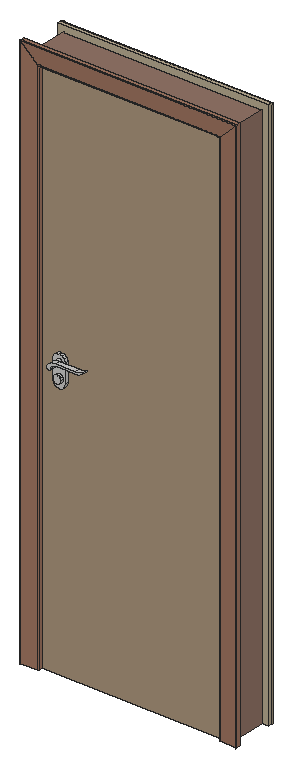
Revit family "Abrir - 1 Folha_Completa_final", category Portas, Revit 2015
Parameters (values of type "70x210")
  Tipo de construção = "residêncial"
  Máscara da folha visível [instance] = no
  Moldura interna da porta [instance] = Teca
  Moldura externa da porta [instance] = Pinho de Óregon
  Moldura da porta = Tábua de fibra orientada
  Maçaneta da porta = Painel de metal
  Marco = Amendoeira
  Largura bruta = Largura + (Espessura do Marco * 2)  # 77 cm
  Função = Interior
  Projeção da moldura externa = 2 cm
  Projeção da moldura interna = 2 cm
  Largura da moldura = 7 cm
  Folha da porta = Tábua de fibra orientada
  Espessura do Marco = 3.5 cm
  Espessura = 3.5 cm
  Autor = "Marco Rocha"
  Altura bruta = Altura + Espessura do Marco  # 213.5 cm
  Altura = 210 cm
  Fechamento da parede = Por hospedeiro
  Largura = 70 cm
Types (6, lengths in cm): name | Largura bruta | Espessura | Largura
  (no name) | 77 | 3.5 | 70
  60x210 | 67 | 3.5 | 60
  70x210 | 77 | 3.5 | 70
  80x210 | 87 | 3.5 | 80
  90x210 | 97 | 3.5 | 90
  100x210 | 107 | 4 | 100
Reference planes (cm)
  plane 1: y = 0
  plane 2 "Centro (Esquerda/Direita)": x = 0
  plane 3 "Esquerda": x = -35
  plane 4 "Direita": x = 35
  plane 5: z = 210
  plane 6 "Exterior": y = 7.5
  plane 7 "Interior": y = -7.5
  plane 8: x = -38.5
  plane 9: x = 38.5
  plane 10: z = 213.5
  plane 11: y = -4
  plane 12: x = 34
  plane 13: x = 31.5
  plane 14: y = -77.5
  plane 15: y = -70
  plane 16: y = -80
  plane 17: y = -70
Forms (cm)
  Extrusion 1, solid, material "Tábua de fibra orientada" <- "Folha da porta"
    sketch origin (0, 0, 0) x (1, 0, 0) y (0, 1, 0)
      loop
        line (-35, -4) -> (-35, -7.5) -> (35, -7.5) -> (35, -4) -> (-35, -4)
    from 0 to 210
  Extrusion 2, solid, material "Tábua de fibra orientada" <- "Moldura da porta", detail levels medium
    sketch origin (0, 7.5, 0) x (1, 0, 0) y (0, 0, 1)
      loop
        line (35, 210) -> (35, 0) -> (42, 0) -> (42, 217) -> (-42, 217) -> (-42, 0) -> (-35, 0) -> (-35, 210) -> (35, 210)
    from -2 to 0
  Extrusion 3, solid, material "Tábua de fibra orientada" <- "Moldura da porta", detail levels medium
    sketch origin (0, -7.5, 0) x (1, 0, 0) y (0, 0, -1)
      loop
        line (35, -210) -> (-35, -210) -> (-35, 0) -> (-42, 0) -> (-42, -217) -> (42, -217) -> (42, 0) -> (35, 0) -> (35, -210)
    from -2 to 0
  Sweep 4, solid, material "Amendoeira" <- "Marco", detail levels coarse+medium
    path in 3D
      loop
        line (38.5, 7.5, 0) -> (38.5, 7.5, 213.5) -> (-38.5, 7.5, 213.5) -> (-38.5, 7.5, 0)
    profile origin (38.5, 7.5, 106.75) x (0, 1, 0) y (-1, 0, 0)
      loop
        line (-15, 3.5) -> (-15, 0) -> (0, 0) -> (0, 3.5) -> (-15, 3.5)
  Sweep 5, solid, material "Amendoeira" <- "Marco", detail levels fine
    path in 3D
      loop
        line (38.5, 7.5, 0) -> (38.5, 7.5, 213.5) -> (-38.5, 7.5, 213.5) -> (-38.5, 7.5, 0)
    profile origin (38.5, 7.5, 106.75) x (0, 1, 0) y (-1, 0, 0)
      loop
        line (0, 0) -> (0, 4.5) -> (-11.5, 4.5) -> (-11.5, 3.5) -> (-15, 3.5) -> (-15, 0) -> (0, 0)
  Sweep 6, solid, material "Teca" <- "Moldura interna da porta", detail levels fine
    path in 3D
      loop
        line (35, -7.5, 0) -> (35, -7.5, 210) -> (-35, -7.5, 210) -> (-35, -7.5, 0)
    profile "Perfil Alisar : 7 x 2 cm" origin (-35, -7.5, 105) x (0, 1, 0) y (1, 0, 0)
      loop
        line (0, 0) -> (-1, 0)
        arc (-1, 0) -> (-1.3536, -0.1464) -> (-1.5, -0.5) r 0.5
        line (-1.5, -0.5) -> (-1.9793, -6.7308)
        arc (-1.9793, -6.7308) -> (-1.9135, -6.9199) -> (-1.73, -7) r 0.25
        line (-1.73, -7) -> (0, -7) -> (0, 0)
  Sweep 7, solid, material "Pinho de Óregon" <- "Moldura externa da porta", detail levels fine
    path in 3D
      loop
        line (34, 7.5, 0) -> (34, 7.5, 209) -> (-34, 7.5, 209) -> (-34, 7.5, 0)
    profile "Perfil Alisar : 7 x 2 cm" origin (34, 7.5, 104.5) x (0, 1, 0) y (-1, 0, 0)
      loop
        line (0, 0) -> (0, -7) -> (1.73, -7)
        arc (1.73, -7) -> (1.9135, -6.9199) -> (1.9793, -6.7308) r 0.25
        line (1.9793, -6.7308) -> (1.5, -0.5)
        arc (1.5, -0.5) -> (1.3536, -0.1464) -> (1, 0) r 0.5
        line (1, 0) -> (0, 0)
Lines and regions (cm)
  Opening 1
    outline origin (-305, -7.5, 0) x (1, 0, 0) y (0, 0, 1)
      loop
        line (343.5, 213.5) -> (266.5, 213.5) -> (266.5, 0) -> (343.5, 0) -> (343.5, 213.5)
  Masking region 1, visible <- "Máscara da folha visível"
    outline origin (0, 0, 0) x (1, 0, 0) y (0, 1, 0)
      loop
        line (31.5, -7.5) -> (31.5, -77.5) -> (35, -77.5) -> (35, -7.5) -> (31.5, -7.5)
  Masking region 2, visible <- "Máscara da folha visível", detail levels fine
    outline origin (-10, 10, 0) x (0, -1, 0) y (1, 0, 0)
      loop
        line (82.5, 45) -> (82.5, 46) -> (81.5, 46) -> (81.5, 47) -> (80.8, 47) -> (80.8, 51) -> (67, 51) -> (67, 49) -> (79.2, 49) -> (79.2, 47) -> (78.5, 47) -> (78.5, 46) -> (77.5, 46) -> (77.5, 45) -> (82.5, 45)
  Masking region 3, visible <- "Máscara da folha visível", not visible, detail levels fine
    outline origin (0, 0, 0) x (0, -1, 0) y (1, 0, 0)
      loop
        line (82.5, 45) -> (82.5, 46) -> (81.5, 46) -> (81.5, 47) -> (80.8, 47) -> (80.8, 51) -> (67, 51) -> (67, 49) -> (79.2, 49) -> (79.2, 47) -> (78.5, 47) -> (78.5, 46) -> (77.5, 46) -> (77.5, 45) -> (82.5, 45)
  Masking region 4, visible <- "Máscara da folha visível", detail levels fine
    outline origin (76.5, 10, 0) x (0, 1, 0) y (-1, 0, 0)
      loop
        line (-82.5, 45) -> (-77.5, 45) -> (-77.5, 46) -> (-78.5, 46) -> (-78.5, 47) -> (-79.2, 47) -> (-79.2, 49) -> (-67, 49) -> (-67, 51) -> (-80.8, 51) -> (-80.8, 47) -> (-81.5, 47) -> (-81.5, 46) -> (-82.5, 46) -> (-82.5, 45)
  symbolic lines, style "Giro da elevação"
    curve 1: line (35, -7.5, 105) -> (-35, -7.5, 210)
    curve 2: line (35, -7.5, 105) -> (-35, -7.5, 0)
  symbolic lines, style "Doors"
    curve 3: line (31.5, -7.5, 0) -> (31.5, -77.5, 0)
    curve 4: line (35, -77.5, 0) -> (35, -7.5, 0)
    curve 5: line (31.5, -77.5, 0) -> (35, -77.5, 0)
    curve 6: line (35, -7.5, 0) -> (31.5, -7.5, 0)
  symbolic lines, style "Puxador", detail levels fine
    curve 7: line (35, -72.5, 0) -> (35, -67.5, 0)
    curve 8: line (35, -67.5, 0) -> (36, -67.5, 0)
    curve 9: line (36, -67.5, 0) -> (36, -72.5, 0)
    curve 10: line (36, -72.5, 0) -> (35, -72.5, 0)
    curve 11: line (36, -68.5, 0) -> (37, -68.5, 0)
    curve 12: line (37, -68.5, 0) -> (37, -71.5, 0)
    curve 13: line (37, -71.5, 0) -> (36, -71.5, 0)
    curve 14: line (37, -70.8, 0) -> (41, -70.8, 0)
    curve 15: line (41, -70.8, 0) -> (41, -57, 0)
    curve 16: line (41, -57, 0) -> (39, -57, 0)
    curve 17: line (39, -57, 0) -> (39, -69.2, 0)
    curve 18: line (39, -69.2, 0) -> (37, -69.2, 0)
    curve 31: line (31.5, -72.5, 0) -> (31.5, -67.5, 0)
    curve 32: line (31.5, -67.5, 0) -> (30.5, -67.5, 0)
    curve 33: line (30.5, -67.5, 0) -> (30.5, -72.5, 0)
    curve 34: line (30.5, -72.5, 0) -> (31.5, -72.5, 0)
    curve 35: line (30.5, -68.5, 0) -> (29.5, -68.5, 0)
    curve 36: line (29.5, -68.5, 0) -> (29.5, -71.5, 0)
    curve 37: line (29.5, -71.5, 0) -> (30.5, -71.5, 0)
    curve 38: line (29.5, -70.8, 0) -> (25.5, -70.8, 0)
    curve 39: line (25.5, -70.8, 0) -> (25.5, -57, 0)
    curve 40: line (25.5, -57, 0) -> (27.5, -57, 0)
    curve 41: line (27.5, -57, 0) -> (27.5, -69.2, 0)
    curve 42: line (27.5, -69.2, 0) -> (29.5, -69.2, 0)
  symbolic lines, style "Puxador", not visible, detail levels fine
    curve 19: line (45, -82.5, 0) -> (45, -77.5, 0)
    curve 20: line (45, -77.5, 0) -> (46, -77.5, 0)
    curve 21: line (46, -77.5, 0) -> (46, -82.5, 0)
    curve 22: line (46, -82.5, 0) -> (45, -82.5, 0)
    curve 23: line (46, -78.5, 0) -> (47, -78.5, 0)
    curve 24: line (47, -78.5, 0) -> (47, -81.5, 0)
    curve 25: line (47, -81.5, 0) -> (46, -81.5, 0)
    curve 26: line (47, -80.8, 0) -> (51, -80.8, 0)
    curve 27: line (51, -80.8, 0) -> (51, -67, 0)
    curve 28: line (51, -67, 0) -> (49, -67, 0)
    curve 29: line (49, -67, 0) -> (49, -79.2, 0)
    curve 30: line (49, -79.2, 0) -> (47, -79.2, 0)
  sketch lines
    curve 43: line (38.5, 7.5, 0) -> (38.5, 7.5, 213.5)
    curve 44: line (38.5, 7.5, 213.5) -> (-38.5, 7.5, 213.5)
    curve 45: line (-38.5, 7.5, 213.5) -> (-38.5, 7.5, 0)
    curve 47: line (38.5, 7.5, 0) -> (38.5, 7.5, 213.5)
    curve 48: line (38.5, 7.5, 213.5) -> (-38.5, 7.5, 213.5)
    curve 49: line (-38.5, 7.5, 213.5) -> (-38.5, 7.5, 0)
    curve 50: line (-35, -7.5, 210) -> (-35, -7.5, 0)
    curve 51: line (35, -7.5, 210) -> (-35, -7.5, 210)
    curve 52: line (35, -7.5, 0) -> (35, -7.5, 210)
    curve 53: line (34, 7.5, 0) -> (34, 7.5, 209)
    curve 54: line (34, 7.5, 209) -> (-34, 7.5, 209)
    curve 55: line (-34, 7.5, 209) -> (-34, 7.5, 0)
  symbolic lines, style "Giro da planta"
    curve 46: arc (35, -77.5, 0) -> (-14.4975, -56.9975, 0) -> (-35, -7.5, 0) r 70
Text (cm)
  text "Exterior" at (-229.5016, 109.9543, 0), in view "Nível de referência"
  text "Exterior" at (0, 161.538, 369.8081), in view "Esquerda"
  text "Exterior" at (0, 103.6032, 387.4932), in view "Direita"
Dimensions and locks (cm)
  equal spacing: plane 3 "Esquerda", plane 2 "Centro (Esquerda/Direita)", plane 4 "Direita"
  "Largura": plane 3 "Esquerda" to plane 4 "Direita"
  "Altura": plane 5 to host wall
  equal spacing: host wall, curve 2, plane 5
  host wall to plane 10 = 213.5 cm
  locked: plane 6 "Exterior" to host wall at 0
  locked: plane 7 "Interior" to host wall
  "Espessura do Marco": plane 8 to plane 3 "Esquerda"
  "Espessura do Marco": plane 4 "Direita" to plane 9
  "Espessura do Marco": plane 10 to plane 5
  "Espessura": plane 7 "Interior" to plane 11
  locked: plane 12 to plane 4 "Direita" at 1
  "Espessura": plane 13 to plane 4 "Direita"
  "Largura": plane 14 to plane 7 "Interior"
  "Largura da moldura": Extrusion 2 sketch curve to Extrusion 2 sketch curve  (x3)
  "Projeção da moldura externa": plane 6 "Exterior" to Extrusion 2
  "Largura da moldura": Extrusion 3 sketch curve to Extrusion 3 sketch curve  (x3)
  "Projeção da moldura interna": Extrusion 3 to plane 7 "Interior"
  locked: plane 3 "Esquerda" to nested 1 at 7.5
  locked: plane 15 to plane 14 at 7.5
  locked: plane 17 to plane 14 at 7.5
  aligned and locked: plane 5 to curve 1
  aligned and locked: plane 3 "Esquerda" to curve 2
  aligned and locked: plane 1 to host wall
  aligned and locked: plane 3 "Esquerda" to curve 1
  aligned and locked: curve 3 to plane 13
  aligned and locked: curve 4 to plane 4 "Direita"
  aligned and locked: curve 5 to plane 14
  aligned and locked: curve 6 to plane 7 "Interior"
  aligned and locked: Masking region 1 sketch curve to curve 6
  aligned and locked: Masking region 1 sketch curve to curve 3
  aligned and locked: Masking region 1 sketch curve to curve 5
  aligned and locked: Masking region 1 sketch curve to curve 4
  aligned and locked: Extrusion 1 sketch curve to plane 3 "Esquerda"
  aligned and locked: plane 4 "Direita" to Extrusion 1 sketch curve
  aligned and locked: Extrusion 1 sketch curve to plane 11
  aligned and locked: Extrusion 1 sketch curve to plane 7 "Interior"
  aligned and locked: Extrusion 1 to plane 5
  aligned and locked: plane 4 "Direita" to Extrusion 2 sketch curve
  aligned and locked: plane 5 to Extrusion 2 sketch curve
  aligned and locked: plane 3 "Esquerda" to Extrusion 2 sketch curve
  aligned and locked: Extrusion 2 sketch curve to level
  aligned and locked: level to Extrusion 2 sketch curve
  aligned and locked: Extrusion 2 to host wall
  aligned and locked: Extrusion 3 to plane 7 "Interior"
  aligned and locked: nested 1 to plane 7 "Interior"
  aligned and locked: curve 7 to plane 4 "Direita"
  aligned and locked: plane 13 to curve 31
  aligned and locked: plane 10 to Opening 1 sketch curve
  aligned and locked: Opening 1 sketch curve to plane 9
  aligned and locked: Extrusion 2 to Opening 1 sketch curve
  aligned and locked: plane 8 to Opening 1 sketch curve
  aligned and locked: Sweep 4 sketch curve to plane 4 "Direita"
  aligned and locked: Sweep 4 sketch curve to plane 9
  aligned and locked: Sweep 4 sketch curve to plane 6 "Exterior"
  aligned and locked: Sweep 4 sketch curve to plane 7 "Interior"
  aligned and locked: plane 3 "Esquerda" to curve 46
  aligned and locked: Sweep 5 sketch curve to plane 9
  aligned and locked: Sweep 5 sketch curve to plane 6 "Exterior"
  aligned and locked: Sweep 5 sketch curve to plane 12
  aligned and locked: Sweep 5 sketch curve to plane 11
  aligned and locked: plane 4 "Direita" to Sweep 5 sketch curve
  aligned and locked: plane 7 "Interior" to Sweep 5 sketch curve
Automatic sketch dimensions
  Masking region 2 sketch curve to Masking region 2 sketch curve = 1 cm  (x6)
  Masking region 2 sketch curve to Masking region 2 sketch curve = 2 cm
  Masking region 2 sketch curve to Masking region 2 sketch curve = 0.7 cm  (x2)
  Masking region 2 sketch curve to Masking region 2 sketch curve = 1.6 cm
  Masking region 2 sketch curve to Masking region 2 sketch curve = 10.5 cm
  plane 15 to Masking region 2 sketch curve = 2.5 cm
  Masking region 2 sketch curve to Masking region 2 sketch curve = 3 cm
  Masking region 3 sketch curve to Masking region 3 sketch curve = 1 cm  (x6)
  Masking region 3 sketch curve to Masking region 3 sketch curve = 2 cm
  Masking region 3 sketch curve to Masking region 3 sketch curve = 0.7 cm  (x2)
  Masking region 3 sketch curve to Masking region 3 sketch curve = 1.6 cm
  Masking region 3 sketch curve to Masking region 3 sketch curve = 10.5 cm
  plane 16 to Masking region 3 sketch curve = 2.5 cm
  Masking region 3 sketch curve to Masking region 3 sketch curve = 3 cm
  Masking region 4 sketch curve to Masking region 4 sketch curve = 1 cm  (x6)
  Masking region 4 sketch curve to Masking region 4 sketch curve = 2 cm
  Masking region 4 sketch curve to Masking region 4 sketch curve = 0.7 cm  (x2)
  Masking region 4 sketch curve to Masking region 4 sketch curve = 1.6 cm
  Masking region 4 sketch curve to Masking region 4 sketch curve = 10.5 cm
  Masking region 4 sketch curve to plane 17 = 2.5 cm
  Masking region 4 sketch curve to Masking region 4 sketch curve = 3 cm
  curve 2 to level = 0 cm
  plane 4 "Direita" to curve 2 = 0 cm
  Extrusion 3 sketch curve to level = 0 cm  (x2)
  plane 3 "Esquerda" to Extrusion 3 sketch curve = 0 cm
  plane 4 "Direita" to Extrusion 3 sketch curve = 0 cm
  Extrusion 3 sketch curve to plane 5 = 0 cm
Nested families (cm)
  nested 1: "Maçaneta da porta 2" at (-27.5, -5.75, 110), type "Maçaneta da porta 2", detail levels fine
    with Espessura do painel 3.5 cm
Definition of nested family "Maçaneta da porta 2"
  Parameters (values of type "Maçaneta da porta 2")
    Espessura do painel = 5 cm
    Material do puxador = none
    Function = (empty or 0)
  Reference planes (cm)
    plane 1 "Centro (Frente/Trás)": y = 0
    plane 2: z = 0
    plane 3 "Centro (Esquerda/Direita)": x = 0
    plane 4: y = 2.5
    plane 5: y = -2.5
    plane 6: z = -14.7114
    plane 7: y = 6.5
    plane 8: z = -6
    plane 9: y = -6.5
    plane 10: z = -6
  Forms (cm)
    Extrusion 1, solid, material <- "Material do puxador"
      sketch origin (0, -2.5, 0) x (-1, 0, 0) y (0, 0, -1)
        loop
          line (2.5, 0) -> (2.5, 7)
          arc (2.5, 7) -> (0, 9.5) -> (-2.5, 7) r 2.5
          line (-2.5, 7) -> (-2.5, 0)
          arc (-2.5, 0) -> (0, -2.5) -> (2.5, 0) r 2.5
      from 0 to 1
    Extrusion 2, solid, material <- "Material do puxador"
      sketch origin (0, 2.5, 0) x (-1, 0, 0) y (0, 0, -1)
        loop
          line (2.5, 0) -> (2.5, 7)
          arc (2.5, 7) -> (0, 9.5) -> (-2.5, 7) r 2.5
          line (-2.5, 7) -> (-2.5, 0)
          arc (-2.5, 0) -> (0, -2.5) -> (2.5, 0) r 2.5
      from 0 to -1
    Extrusion 3, solid, material <- "Material do puxador"
      sketch origin (0, -2.5, 0) x (-1, 0, 0) y (0, 0, -1)
        loop
          circle (0, 0) r 0.8
      from 1 to 4
    Extrusion 4, solid, material <- "Material do puxador"
      sketch origin (0, 2, 0) x (-1, 0, 0) y (0, 0, 1)
        loop
          circle (0, 0) r 0.8
      from 1.5 to 4.5
    Extrusion 5, solid, material <- "Material do puxador"
      sketch origin (0, -6.5, 0) x (1, 0, 0) y (0, 0, 1)
        loop
          arc (-0.6508, 0.4652) -> (-0.2443, -0.7618) -> (0.8, 0) r 0.8
          arc (0.8, 0) -> (1.4532, 0.9391) -> (2.5386, 1.3) r 1.8126
          line (2.5386, 1.3) -> (10.1644, 1.3)
          arc (10.1644, 1.3) -> (11.641, 1.5798) -> (13, 2.2214) r 5.9379
          line (13, 2.2214) -> (13, 2.5)
          arc (13, 2.5) -> (11.604, 2.1265) -> (10.1644, 2) r 8.3285
          line (10.1644, 2) -> (2.5367, 2)
          arc (2.5367, 2) -> (0.7493, 1.6348) -> (-0.6508, 0.4652) r 3.7283
      from 0 to 2
    Extrusion 6, solid, material <- "Material do puxador"
      sketch origin (0, 6.5, 0) x (1, 0, 0) y (0, 0, -1)
        loop
          arc (0.8, 0) -> (-0.2443, 0.7618) -> (-0.6508, -0.4652) r 0.8
          arc (-0.6508, -0.4652) -> (0.7493, -1.6348) -> (2.5367, -2) r 3.7283
          line (2.5367, -2) -> (10.1644, -2)
          arc (10.1644, -2) -> (11.604, -2.1265) -> (13, -2.5) r 8.3285
          line (13, -2.5) -> (13, -2.2214)
          arc (13, -2.2214) -> (11.641, -1.5798) -> (10.1644, -1.3) r 5.9379
          line (10.1644, -1.3) -> (2.5386, -1.3)
          arc (2.5386, -1.3) -> (1.4532, -0.9391) -> (0.8, 0) r 1.8126
      from 0 to 2
    Extrusion 7, solid, material <- "Material do puxador"
      sketch origin (0, -3.5, 1) x (-1, 0, 0) y (0, 0, -1)
        loop
          circle (0, 7) r 1.5
      from 0 to 1
    Extrusion 8, solid, material <- "Material do puxador"
      sketch origin (0, 3.5, 0) x (-1, 0, 0) y (0, 0, 1)
        loop
          circle (0, -6) r 1.5
      from 0 to 1
  Dimensions and locks (cm)
    equal spacing: plane 5, plane 1 "Centro (Frente/Trás)", plane 4
    "Espessura do painel": plane 5 to plane 4
    locked: plane 4 to plane 7 at 4
    locked: plane 9 to plane 5 at 4
    locked: Extrusion 6 to plane 7 at 2
    locked: plane 9 to Extrusion 5 at 2
    locked: plane 2 to plane 10 at 6
    aligned and locked: Extrusion 3 to Extrusion 1
    aligned and locked: Extrusion 4 to Extrusion 2
    aligned and locked: plane 7 to Extrusion 6
    aligned and locked: Extrusion 4 to plane 7
    aligned and locked: plane 9 to Extrusion 5
  Automatic sketch dimensions
    Extrusion 3 sketch curve to level = 0 cm
    Extrusion 3 sketch curve to plane 3 "Centro (Esquerda/Direita)" = 0 cm
    Extrusion 4 sketch curve to level = 0 cm
    Extrusion 4 sketch curve to plane 3 "Centro (Esquerda/Direita)" = 0 cm
    Extrusion 5 sketch curve to level = 0 cm  (x2)
    Extrusion 5 sketch curve to plane 3 "Centro (Esquerda/Direita)" = 0 cm
    Extrusion 5 sketch curve to plane 3 "Centro (Esquerda/Direita)" = 0.6508 cm
    plane 3 "Centro (Esquerda/Direita)" to Extrusion 5 sketch curve = 0.8 cm
    Extrusion 5 sketch curve to level = 1.7244 cm
    Extrusion 5 sketch curve to Extrusion 5 sketch curve = 1.5668 cm
    level to Extrusion 5 sketch curve = 2 cm
    Extrusion 5 sketch curve to Extrusion 5 sketch curve = 0.0019 cm
    Extrusion 5 sketch curve to Extrusion 5 sketch curve = 2.8356 cm
    Extrusion 5 sketch curve to Extrusion 5 sketch curve = 0 cm
    Extrusion 5 sketch curve to level = 0.5126 cm
    level to Extrusion 5 sketch curve = 2.2214 cm
    Extrusion 5 sketch curve to Extrusion 5 sketch curve = 0.2786 cm
    Extrusion 5 sketch curve to Extrusion 5 sketch curve = 7.2693 cm
    Extrusion 5 sketch curve to Extrusion 5 sketch curve = 0.3517 cm
    Extrusion 5 sketch curve to Extrusion 5 sketch curve = 0.3583 cm
    Extrusion 6 sketch curve to level = 0 cm
    Extrusion 6 sketch curve to plane 3 "Centro (Esquerda/Direita)" = 0 cm
    level to Extrusion 6 sketch curve = 0.4652 cm
    Extrusion 6 sketch curve to plane 3 "Centro (Esquerda/Direita)" = 0.6508 cm
    Extrusion 6 sketch curve to level = 1.7244 cm
    Extrusion 6 sketch curve to Extrusion 6 sketch curve = 1.5668 cm
    Extrusion 6 sketch curve to Extrusion 6 sketch curve = 0.0019 cm
    Extrusion 6 sketch curve to level = 0.5126 cm
    Extrusion 6 sketch curve to Extrusion 6 sketch curve = 0.1719 cm
    Extrusion 6 sketch curve to Extrusion 6 sketch curve = 7.2693 cm
    Extrusion 6 sketch curve to Extrusion 6 sketch curve = 0.3517 cm
    Extrusion 6 sketch curve to Extrusion 6 sketch curve = 0.3583 cm
    Extrusion 6 sketch curve to Extrusion 6 sketch curve = 0 cm
    level to Extrusion 6 sketch curve = 2.2214 cm
    Extrusion 6 sketch curve to Extrusion 6 sketch curve = 2.8356 cm
    Extrusion 6 sketch curve to Extrusion 6 sketch curve = 0.2786 cm
    Extrusion 1 sketch curve to plane 3 "Centro (Esquerda/Direita)" = 0 cm
    Extrusion 1 sketch curve to level = 0 cm
    Extrusion 1 sketch curve to plane 3 "Centro (Esquerda/Direita)" = 2.5 cm
    level to Extrusion 1 sketch curve = 7 cm
    Extrusion 2 sketch curve to level = 0 cm
    Extrusion 2 sketch curve to plane 3 "Centro (Esquerda/Direita)" = 0 cm
    Extrusion 2 sketch curve to plane 3 "Centro (Esquerda/Direita)" = 2.5 cm
    level to Extrusion 2 sketch curve = 7 cm
    Extrusion 7 sketch curve to plane 3 "Centro (Esquerda/Direita)" = 0 cm
    level to Extrusion 7 sketch curve = 6 cm
    Extrusion 8 sketch curve to plane 3 "Centro (Esquerda/Direita)" = 0 cm
    Extrusion 8 sketch curve to plane 8 = 0 cm
    radius of Extrusion 3 sketch curve = 0.8 cm
    radius of Extrusion 4 sketch curve = 0.8 cm
    radius of Extrusion 7 sketch curve = 1.5 cm
    radius of Extrusion 8 sketch curve = 1.5 cm
